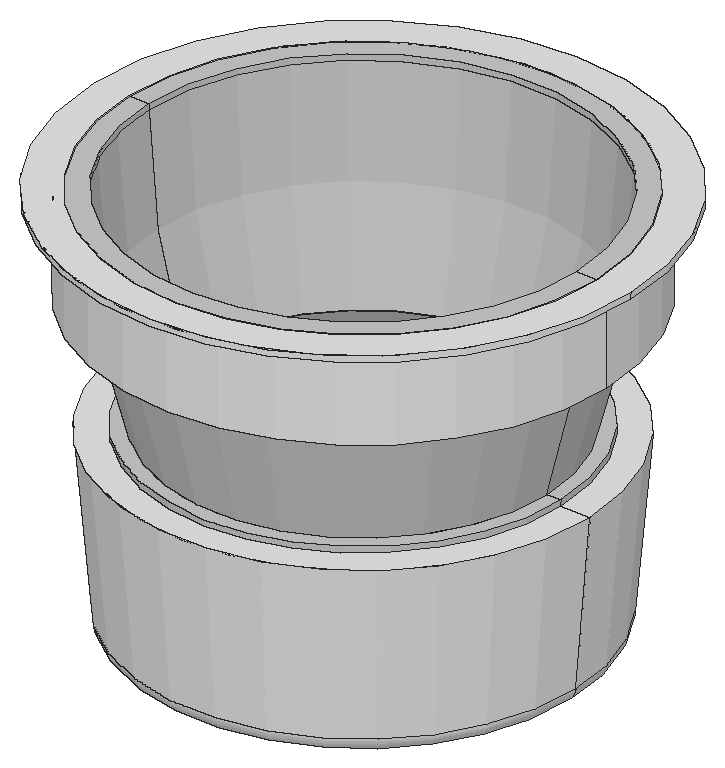
Revit family "2059347 Lighting Fixture_Sylvania_Ascent 150 II Round_Ceiling Recessed", category Lighting Fixtures, host Face, Revit 2017
Family settings
  Host = Face
  Round Connector Dimension = Use Diameter
  Part Type = Normal
  OmniClass Number = 23.80.70.11.17
  OmniClass Title = Specialized Lighting by Location or Use
  Cut with Voids When Loaded = No
  Light Source = Yes
  Shared = No
  Room Calculation Point = No
Parameters (values of type "ASCENT 150 II 1200 4k DALI EM")
  Upper Body Radius = Radius - 14.5 mm  # 80.0 mm
  Upper Body Material = Metal_Sylvania_Ascent 150 II_Black
  Ring Outer Diameter = Diameter - 17.0 mm  # 172.0 mm
  Ring Inner Diameter = Ring Outer Diameter - 4.0 mm  # 168.0 mm
  Reflector Material = Metal_Sylvania_Ascent 150 II_Polished
  Recessed Depth = 142.0 mm
  Radius = Diameter / 2  # 94.5 mm
  Light Emit  Diameter = Diameter - 38.0 mm  # 151.0 mm
  LOR = "100%"  # constant formula
  Inrush Current (max. quantity per 16A C breaker) = "80"  # constant formula
  Inner Reflector Radius = Inner Radius - 19.5 mm  # 63.0 mm
  Inner Radius = Inner Diameter / 2  # 82.5 mm
  Inner Diameter = Diameter - 24.0 mm  # 165.0 mm
  IP Rating = "IP44"  # constant formula
  IK Rating = "IK02"  # constant formula
  Glow Wire Test = 650 °C  # constant formula
  Energy Class = "A++,A+,A"  # constant formula
  Weight = 2.45 kg
  Wattage = 3.42276 W
  built-in parameter 1150110 = 1 (stored number, unit not read)
  Voltage Comments = "UNV (Universal Voltage; 220-240 Volt)"  # constant formula
  Voltage = 230 V  # constant formula
  URL = "https://www.sylvania-lighting.com"
  built-in parameter 1114217 = 1 (stored number, unit not read)
  Tilt Angle = -90°
  built-in parameter 1150109 = 1 (stored number, unit not read)
  built-in parameter 1150134 = 12
  built-in parameter 1150113 = 1 (stored number, unit not read)
  Product Page URL = "https://www.sylvania-lighting.com/product/en-int/products/2059347"
  Product Family = "ASCENT 150 II ROUND"  # constant formula
  Photometry Comments = ""
  Photometric Web File = "2059347_ASCENT150II12004kDALIEM-206303.ies"
  Life = "50 000 h"  # constant formula
  Emit from Circle Diameter = Light Emit  Diameter  # 151.0 mm
  Emit Shape Visible in Rendering = no
  Emergency duration (h) = "N/A"
  Electrical Protection = "Class II"  # constant formula
  Drive Current = "350mA"  # constant formula
  Distribution type = "Direct"  # constant formula
  Diffuser Material = Glass_Sylvania_Ascent 150 II_Clear_4000K
  Diameter = 189.0 mm
  Cutout Diameter = Diameter - 13.0 mm  # 176.0 mm
  Colour consistency (SDCM) = "3 step"  # constant formula
  built-in parameter 1114216 [instance] = 1 (stored number, unit not read)
  Model = "ASCENT 150 II 1200 4k DALI EM"
  Manufacturer = "Feilo Sylvania"
  built-in parameter 1150105 = 256.83 (stored number, unit not read)
  Lumens = 421 lm
  built-in parameter 1150115 = 1 (stored number, unit not read)
  built-in parameter 1150137 = (empty or 0)
  built-in parameter 1150139 = (empty or 0)
  built-in parameter 1150112 = 1 (stored number, unit not read)
  built-in parameter 1150114 = 1 (stored number, unit not read)
  Lamp Comments = "Integrated LED"  # constant formula
  Lamp = "LED"  # constant formula
  built-in parameter 1150132 = 2
  built-in parameter 1150102 = (empty or 0)
  built-in parameter 1150107 = 4000 (stored number, unit not read)
  built-in parameter 1150138 = (empty or 0)
  built-in parameter 1150106 = 2.5683 (stored number, unit not read)
  built-in parameter 1150104 = 11.427 (stored number, unit not read)
  Dimming Lamp Color Temperature Shift = <None>
  Description = "A very high efficient round downlight up to 127lm/W Long life >50,000hrs 4,000K and 3,000K CCT and CRI Ra85 IP44 rated for wet areas and bathrooms UGR <19 version for offices to comply with EN12464-1 Wide selection of decorative accessories"  # constant formula
  Default Elevation = 0.0 mm
  Color Filter = 16777215
  Catalog Number = "2059347 ASCENT 150 II 1200 4k DALI EM"
  built-in parameter 1140040 [instance] = 1
  CRI (Ra) = ">80"  # constant formula
  built-in parameter 1114218 = 1 (stored number, unit not read)
  built-in parameter 1150133 = 10 (stored number, unit not read)
  Assembly Code = "D5020200"
  Apparent Load Comments = ""
  Apparent Load = 14 VA
  Accessory Material = Aluminum_Sylvania_Ascent 150 II_White
Reference planes
  plane 1 "Center (Front/Back)": y = 0
  plane 2: z = 0
  plane 3 "Center (Left/Right)": x = 0
  plane 4: z = 2
  plane 5: z = -74
  plane 6 "Fixture Top": z = -140
  plane 7: z = -31
  plane 8: z = -72
  plane 9: z = -62.037
Forms (mm)
  Extrusion 1, solid, material "Aluminum_Sylvania_Ascent 150 II_White" <- "Accessory Material", detail levels fine
    sketch origin (0, 0, 0) x (1, 0, 0) y (0, 1, 0)
      loop
        circle (0, 0) r 94.5
      loop
        circle (0, 0) r 82.5
    from 0 to 2
  Extrusion 2, void
    sketch origin (0, 0, 0) x (1, 0, 0) y (0, 1, 0)
      loop
        circle (0, 0) r 88
    from -140 to 2
  Revolve 3, solid, material "Metal_Sylvania_Ascent 150 II_Polished" <- "Reflector Material", detail levels fine
    sketch origin (0, 0, 0) x (1, 0, 0) y (0, 0, 1)
      loop
        line (-82.5, 0) -> (-77.5, 0)
        arc (-77.5, 0) -> (-74.352, -36.539) -> (-65, -72) r 213.61
        line (-65, -72) -> (-70, -72) -> (-70, -74) -> (0, -74) -> (0, -72) -> (-63, -72)
        arc (-63, -72) -> (-72.352, -36.539) -> (-75.5, 0) r 213.61
        line (-75.5, 0) -> (-75.5, 2) -> (-82.5, 2) -> (-82.5, 0)
      axis (0, 2) -> (0, -74)
    angle from 0 to 360
  Extrusion 4, solid, material "Aluminum_Sylvania_Ascent 150 II_White" <- "Accessory Material", detail levels fine
    sketch origin (0, 0, 0) x (1, 0, 0) y (0, 1, 0)
      loop
        circle (0, 0) r 86
      loop
        circle (0, 0) r 84
    from -31 to 0
  Revolve 5, solid, material "Glass_Sylvania_Ascent 150 II_Clear_4000K" <- "Diffuser Material", detail levels fine
    sketch origin (0, 0, 0) x (1, 0, 0) y (0, 0, 1)
      loop
        line (-63, -72) -> (0, -72) -> (0, -62.037)
        arc (0, -62.037) -> (-31.891, -64.543) -> (-63, -72) r 204.163
      axis (0, -62.037) -> (0, -72)
    angle from 0 to 360
  Revolve 6, solid, material "Metal_Sylvania_Ascent 150 II_Black" <- "Upper Body Material", detail levels fine
    sketch origin (0, 0, 0) x (1, 0, 0) y (0, 0, 1)
      loop
        line (0, -74) -> (-80, -74) -> (-75.107, -129.929)
        arc (-75.107, -129.929) -> (-73.452, -133.536) -> (-69.924, -135.353) r 6.079
        arc (-69.924, -135.353) -> (-35.039, -138.837) -> (0, -140) r 528.435
        line (0, -140) -> (0, -74)
      axis (0, -74) -> (0, -140)
    angle from 0 to 360
  Revolve 7, solid, material "Aluminum_Sylvania_Ascent 150 II_White" <- "Accessory Material", detail levels coarse+medium
    sketch origin (0, 0, 0) x (1, 0, 0) y (0, 0, 1)
      loop
        arc (-69.924, -135.353) -> (-35.039, -138.837) -> (0, -140) r 528.435
        line (0, -140) -> (0, 2) -> (-94.5, 2) -> (-94.5, 0) -> (-86, 0) -> (-86, -31)
        arc (-86, -31) -> (-84.493, -52.708) -> (-80, -74) r 157.083
        line (-80, -74) -> (-75.107, -129.929)
        arc (-75.107, -129.929) -> (-73.452, -133.536) -> (-69.924, -135.353) r 6.079
      axis (0, 2) -> (0, -140)
    angle from 0 to 360
Cuts and joins
  joined: Extrusion 1, Extrusion 4
Lines and regions (mm)
  Masking region 1
    outline origin (0, 0, 0) x (1, 0, 0) y (0, 1, 0)
      loop
        circle (0, 0) r 94.5
  symbolic lines, detail levels fine
    curve 1: arc (-75.5, 0, 0) -> (0, 75.5, 0) -> (75.5, 0, 0) r 75.5
    curve 2: arc (75.5, 0, 0) -> (0, -75.5, 0) -> (-75.5, 0, 0) r 75.5
Dimensions and locks
  plane 4 to plane 2 to plane 7 to plane 9 to plane 8 to plane 5 = 2.0 mm locked, 31.0 mm locked, 31.037 mm locked, 9.963 mm locked, 2.0 mm locked
  "Inner Radius": plane 3 "Center (Left/Right)" to Revolve 3 sketch curve
  locked: Revolve 3 sketch curve to Revolve 3 sketch curve at 7
  Revolve 3 sketch curve to Revolve 3 sketch curve to Revolve 3 sketch curve to Revolve 3 sketch curve = 2.0 mm locked, 5.0 mm locked, 12.5 mm locked
  "Inner Reflector Radius": Revolve 5 sketch curve to imposter light
  Revolve 6 sketch curve to Revolve 6 sketch curve to plane 6 "Fixture Top" = 5.424 mm locked, 4.647 mm locked
  "Recessed Depth": plane 4 to plane 6 "Fixture Top"
  "Upper Body Radius": plane 3 "Center (Left/Right)" to Revolve 6 sketch curve
  Revolve 6 sketch curve to Revolve 6 sketch curve to Revolve 6 sketch curve = 4.893 mm locked, 5.183 mm locked
  Revolve 7 sketch curve to Revolve 7 sketch curve to plane 6 "Fixture Top" = 5.424 mm locked, 4.647 mm locked
  Revolve 7 sketch curve to Revolve 7 sketch curve to Revolve 7 sketch curve to Revolve 7 sketch curve to Revolve 7 sketch curve = 8.5 mm locked, 6.0 mm locked, 4.893 mm locked, 5.183 mm locked
  "Radius": plane 3 "Center (Left/Right)" to Revolve 7 sketch curve
  "Diameter": diameter of Extrusion 1 sketch curve
  "Inner Diameter": diameter of Extrusion 1 sketch curve
  "Cutout Diameter": diameter of Extrusion 2 sketch curve
  "Ring Outer Diameter": diameter of Extrusion 4 sketch curve
  "Ring Inner Diameter": diameter of Extrusion 4 sketch curve
  aligned and locked: plane 2 to host face
  aligned and locked: level to host face
  aligned and locked: imposter light to plane 3 "Center (Left/Right)"
  aligned and locked: imposter light to plane 1 "Center (Front/Back)"
  aligned and locked: Extrusion 1 to plane 2
  aligned and locked: plane 4 to Extrusion 1
  aligned and locked: imposter light to plane 4
  aligned and locked: imposter light to Revolve 3 sketch curve
  aligned and locked: Revolve 3 sketch curve to imposter light
  aligned and locked: Revolve 3 sketch curve to plane 2
  aligned and locked: Revolve 3 sketch curve to Revolve 3 sketch curve
  aligned and locked: plane 5 to Revolve 3 sketch curve
  aligned and locked: Extrusion 4 to plane 7
  aligned and locked: Revolve 3 sketch curve to plane 8
  aligned and locked: Revolve 5 sketch curve to plane 8
  aligned and locked: imposter light to Revolve 5 sketch curve  (x2)
  aligned and locked: imposter light to Revolve 6 sketch curve  (x2)
  aligned and locked: plane 5 to Revolve 6 sketch curve
  aligned and locked: plane 6 "Fixture Top" to Revolve 6 sketch curve
  aligned and locked: Revolve 7 sketch curve to plane 2
  aligned and locked: plane 4 to Revolve 7 sketch curve
  aligned and locked: plane 7 to Revolve 7 sketch curve
  aligned and locked: imposter light to Extrusion 2
  aligned and locked: Extrusion 2 to plane 6 "Fixture Top"
  aligned and locked: Masking region 1 sketch curve to Revolve 7  (x2)
  aligned and locked: curve 1 to Revolve 3
  aligned and locked: curve 2 to Revolve 3
Automatic sketch dimensions
  host sketch curve to host sketch curve = 1040.406 mm
  host sketch curve to host sketch curve = 988.385 mm
  Extrusion 1 sketch curve to Extrusion 1 sketch curve = 0.0 mm  (x2)
  plane 1 "Center (Front/Back)" to Extrusion 1 sketch curve = 0.0 mm
  Extrusion 1 sketch curve to plane 3 "Center (Left/Right)" = 0.0 mm
  plane 1 "Center (Front/Back)" to Extrusion 2 sketch curve = 0.0 mm
  Extrusion 2 sketch curve to plane 3 "Center (Left/Right)" = 0.0 mm
  Revolve 3 sketch curve to plane 3 "Center (Left/Right)" = 0.0 mm
  Revolve 3 sketch curve to level = 0.0 mm
  Revolve 3 sketch curve to Revolve 3 sketch curve = 2.0 mm
  Revolve 3 sketch curve to plane 5 = 27.065 mm
  plane 4 to Revolve 3 sketch curve = 16.525 mm
  Extrusion 4 sketch curve to Extrusion 4 sketch curve = 0.0 mm  (x2)
  plane 1 "Center (Front/Back)" to Extrusion 4 sketch curve = 0.0 mm
  Extrusion 4 sketch curve to plane 3 "Center (Left/Right)" = 0.0 mm
  Revolve 5 sketch curve to plane 9 = 0.0 mm
  Revolve 5 sketch curve to plane 5 = 17.158 mm
  Revolve 5 sketch curve to plane 7 = 15.158 mm
  Revolve 6 sketch curve to plane 7 = 0.0 mm
  Revolve 6 sketch curve to Revolve 6 sketch curve = 6.05 mm
  Revolve 6 sketch curve to plane 6 "Fixture Top" = 26.0 mm
  Revolve 7 sketch curve to plane 3 "Center (Left/Right)" = 0.0 mm  (x2)
  Revolve 7 sketch curve to plane 6 "Fixture Top" = 0.0 mm
  Revolve 7 sketch curve to plane 5 = 0.0 mm
  Revolve 7 sketch curve to plane 7 = 0.0 mm
  Revolve 7 sketch curve to Revolve 7 sketch curve = 0.866 mm
  Revolve 7 sketch curve to Revolve 7 sketch curve = 26.0 mm
Connectors
  electrical at (0, 0, -140), driven by "Apparent Load", driven by "Voltage"
    settings: index 1, voltage 230 V, apparent load 0 VA, apparent load phase1 14 VA, apparent load phase2 0 VA, apparent load phase3 0 VA, power factor 1, load classification "Lighting", number of poles 1, system type 31, power factor state 1, is connector primary yes, connector utility no, sub classification motor no, connector description ""
